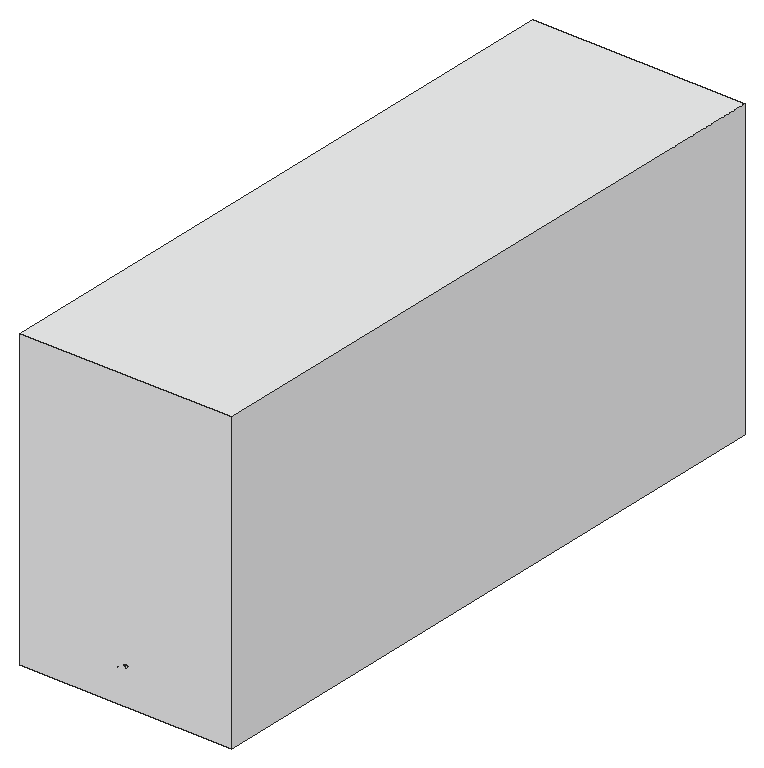
Revit family "979120001_Llave Cocina Cruceta", category Plumbing Fixtures, Revit 2019
Family settings
  Round Connector Dimension = Use Diameter
  Part Type = Normal
  Work Plane-Based = No
  Always vertical = Yes
  Cut with Voids When Loaded = No
  Shared = No
  Room Calculation Point = No
Parameters
  Profundidad = 147.5 mm
  Presion minima = "20 psi."  # constant formula
  Presion maxima = "125 psi."  # constant formula
  Peso neto = "265gr. / 0.5842 Lb."  # constant formula
  Peso Bruto aprox = "270gr. / 0.5952 Lb."  # constant formula
  Material = Corona_Laton
  Manufacturer = "Corona"  # constant formula
  Fecha de creación = "14/08/2020"  # constant formula
  Description = "• Acabado satinado y Robusto.\r\n• Ideal para trabajo pesado.\r\n• Calidad GRIVAL, que nos permite ofrecer una garantía de 5 años.\r\n• Accionamiento palanca.\r\n• Incluye escudo."  # constant formula
  Creado por = "IDD"  # constant formula
  Capacidad de flujo = "15 L/min a 20 PSI."  # constant formula
  Ancho = 50 mm
Reference planes
  plane 1 "Center (Front/Back)": y = 0
  plane 2: z = 0
  plane 3 "Center (Left/Right)": x = 0
  plane 4: y = -147.5
  plane 5: y = -110
  plane 6: x = -25
  plane 7: x = 25
Forms (mm)
  Revolve 1, solid, material "Corona_Laton" <- "Material"
    sketch origin (0, 0, 0) x (0, 1, 0) y (0, 0, 1)
      loop
        line (0, 38.208) -> (0, 46.937)
        arc (0, 46.937) -> (-0.454, 48.377) -> (-1.652, 49.296) r 2.51
        line (-1.652, 49.296) -> (-13.831, 49.296) -> (-13.831, 63.125) -> (-20.252, 63.125)
        arc (-20.252, 63.125) -> (-21.016, 62.728) -> (-21.128, 61.874) r 0.933
        line (-21.128, 61.874) -> (-21.128, 50.501) -> (-22.9, 50.501) -> (-24.12, 48.208) -> (-91.886, 48.208) -> (-91.886, 38.208) -> (0, 38.208)
      axis (0, 38.208) -> (-91.886, 38.208)
    angle from 0 to 360
  Revolve 2, solid, material "Corona_Laton" <- "Material"
    sketch origin (0, 0, 0) x (0, 1, 0) y (0, 0, 1)
      loop
        line (-101.462, 75.153) -> (-101.462, 79.366)
        arc (-101.462, 79.366) -> (-105.103, 82.866) -> (-110, 84.098) r 9.838
        arc (-110, 84.098) -> (-114.897, 82.866) -> (-118.538, 79.366) r 9.838
        line (-118.538, 79.366) -> (-118.538, 75.153) -> (-101.462, 75.153)
      axis (-101.462, 75.153) -> (-118.538, 75.153)
    angle from 0 to 360
  Extrusion 3, void
    sketch origin (0, 0, 0) x (0, 1, 0) y (0, 0, 1)
      loop
        line (-116.263, 65.803) -> (-103.689, 65.803) -> (-103.689, 68.037) -> (-116.263, 68.037) -> (-116.263, 65.803)
    from -7.97 to 9.906
  Revolve 4, solid, material "Corona_Laton" <- "Material"
    sketch origin (0, 0, 0) x (0, 1, 0) y (0, 0, 1)
      loop
        line (-117.406, 74.933) -> (-117.406, 79.401) -> (-128.8, 79.401)
        arc (-128.8, 79.401) -> (-136.3, 81.467) -> (-140.522, 74.933) r 6.576
        line (-140.522, 74.933) -> (-117.406, 74.933)
      axis (-117.406, 74.933) -> (-140.522, 74.933)
    angle from 0 to 360
  Revolve 5, solid, material "Corona_Laton" <- "Material"
    sketch origin (0, -220, 0) x (0, -1, 0) y (0, 0, 1)
      loop
        line (-117.406, 74.933) -> (-117.406, 79.401) -> (-128.8, 79.401)
        arc (-128.8, 79.401) -> (-136.3, 81.467) -> (-140.522, 74.933) r 6.576
        line (-140.522, 74.933) -> (-117.406, 74.933)
      axis (-117.406, 74.933) -> (-140.522, 74.933)
    angle from 0 to 360
  Revolve 6, solid, material "Corona_Laton" <- "Material"
    sketch origin (0, 0, 0) x (0, 1, 0) y (0, 0, 1)
      loop
        line (-105, 68.037) -> (-110, 68.037) -> (-110, 39.813) -> (-98.147, 39.813) -> (-98.147, 61.055) -> (-100.94, 61.055) -> (-100.94, 64.387)
        arc (-100.94, 64.387) -> (-102.396, 65.163) -> (-104.009, 65.504) r 5.869
        line (-104.009, 65.504) -> (-104.009, 66.777) -> (-105, 66.777) -> (-105, 68.037)
      axis (-110, 68.037) -> (-110, 39.813)
    angle from 0 to 360
  Revolve 7, solid, material "Corona_Laton" <- "Material"
    sketch origin (0, 0, 0) x (0, 1, 0) y (0, 0, 1)
      loop
        line (-145.431, 22.286) -> (-159.17, 26.225) -> (-161.052, 19.661)
        arc (-161.052, 19.661) -> (-160.777, 18.014) -> (-159.452, 16.998) r 2.278
        line (-159.452, 16.998) -> (-147.897, 13.685) -> (-145.431, 22.286)
      axis (-145.431, 22.286) -> (-147.897, 13.685)
    angle from 0 to 360
  Revolve 8, solid, material "Corona_Laton" <- "Material"
    sketch origin (0, 0, 0) x (0, 1, 0) y (0, 0, 1)
      loop
        line (-91.886, 28.208) -> (-91.886, 38.208) -> (-127.907, 38.208) -> (-127.907, 28.208)
        arc (-127.907, 28.208) -> (-109.897, 25.933) -> (-91.886, 28.208) r 72.431
      axis (-91.886, 38.208) -> (-127.907, 38.208)
    angle from 0 to 360
  Sweep 9, solid, material "Corona_Laton" <- "Material", detail levels medium+fine
    path origin (0, 1.075, -962.085) x (0, -1, 0) y (0, 0, -1)
      loop
        arc (127.473, -1000.072) -> (141.831, -992.725) -> (144.274, -976.782) r 17.705
    profile origin (0, -140.757, 30.641) x (0, 0.811005, -0.58504) y (1, 0, 0)
      loop
        circle (0, 0) r 10.3
  Extrusion 10, void
    sketch origin (0, 0, 0) x (0, 1, 0) y (0, 0, 1)
      loop
        line (-157.716, 16.644) -> (-158.872, 12.613) -> (-140.094, 7.228) -> (-138.938, 11.26) -> (-157.716, 16.644)
    from -20.073 to 19.995
  Extrusion 11, solid, material "Corona_Laton" <- "Material"
    sketch origin (0, 0, 0) x (0, 1, 0) y (0, 0, 1)
      loop
        line (-161.052, 10.059) -> (0, 10.059) -> (0, 84.661) -> (-161.052, 84.661) -> (-161.052, 10.059)
    from -26.521 to 26.764
Cuts and joins
  Extrusion 3 cuts Revolve 2
  Extrusion 10 cuts Sweep 9
Dimensions and locks
  "Profundidad": plane 1 "Center (Front/Back)" to plane 4
  plane 1 "Center (Front/Back)" to plane 5 = 110 mm
  "Ancho": plane 6 to plane 7
  aligned and locked: level to plane 2
Automatic sketch dimensions
  Revolve 1 sketch curve to plane 1 "Center (Front/Back)" = 0 mm  (x2)
  plane 1 "Center (Front/Back)" to Revolve 1 sketch curve = 1.652 mm
  plane 1 "Center (Front/Back)" to Revolve 1 sketch curve = 2.51 mm
  Revolve 1 sketch curve to Revolve 1 sketch curve = 11.32 mm
  Revolve 1 sketch curve to Revolve 1 sketch curve = 6.421 mm
  Revolve 1 sketch curve to Revolve 1 sketch curve = 0.876 mm
  Revolve 1 sketch curve to Revolve 1 sketch curve = 1.772 mm
  Revolve 1 sketch curve to Revolve 1 sketch curve = 1.219 mm
  Revolve 1 sketch curve to plane 5 = 18.114 mm
  level to Revolve 1 sketch curve = 38.208 mm
  Revolve 1 sketch curve to Revolve 1 sketch curve = 8.73 mm
  Revolve 1 sketch curve to Revolve 1 sketch curve = 1.089 mm
  Revolve 1 sketch curve to Revolve 1 sketch curve = 2.293 mm
  Revolve 1 sketch curve to Revolve 1 sketch curve = 11.373 mm
  Revolve 1 sketch curve to Revolve 1 sketch curve = 0.319 mm
  Revolve 1 sketch curve to Revolve 1 sketch curve = 0 mm  (x2)
  Revolve 2 sketch curve to plane 5 = 0 mm
  plane 5 to Revolve 2 sketch curve = 0.128 mm
  Revolve 2 sketch curve to Revolve 2 sketch curve = 8.41 mm
  Revolve 2 sketch curve to plane 5 = 0.128 mm
  Revolve 2 sketch curve to plane 5 = 8.538 mm
  level to Revolve 2 sketch curve = 74.261 mm
  Revolve 2 sketch curve to Revolve 2 sketch curve = 0 mm  (x2)
  Revolve 2 sketch curve to Revolve 2 sketch curve = 0.892 mm
  Revolve 2 sketch curve to Revolve 2 sketch curve = 4.212 mm
  Revolve 2 sketch curve to plane 4 = 6.442 mm
  Revolve 2 sketch curve to Revolve 2 sketch curve = 22.52 mm
  plane 5 to Extrusion 3 sketch curve = 6.263 mm
  Extrusion 3 sketch curve to plane 5 = 6.311 mm
  level to Extrusion 3 sketch curve = 65.803 mm
  Extrusion 3 sketch curve to Extrusion 3 sketch curve = 2.233 mm
  Revolve 4 sketch curve to plane 4 = 6.978 mm
  Revolve 4 sketch curve to Revolve 4 sketch curve = 6.565 mm
  Revolve 4 sketch curve to Revolve 4 sketch curve = 5.158 mm
  plane 5 to Revolve 4 sketch curve = 7.406 mm
  level to Revolve 4 sketch curve = 74.933 mm
  Revolve 4 sketch curve to Revolve 4 sketch curve = 0.389 mm
  Revolve 4 sketch curve to Revolve 4 sketch curve = 1.565 mm
  Revolve 4 sketch curve to Revolve 4 sketch curve = 1.132 mm
  Revolve 4 sketch curve to Revolve 4 sketch curve = 0 mm
  plane 5 to Revolve 5 sketch curve = 30.522 mm
  Revolve 5 sketch curve to Revolve 5 sketch curve = 6.565 mm
  Revolve 5 sketch curve to Revolve 5 sketch curve = 5.158 mm
  plane 5 to Revolve 5 sketch curve = 7.406 mm
  Revolve 5 sketch curve to level = 74.933 mm
  Revolve 5 sketch curve to Revolve 5 sketch curve = 0.389 mm
  Revolve 5 sketch curve to Revolve 5 sketch curve = 1.565 mm
  Revolve 5 sketch curve to Revolve 5 sketch curve = 1.132 mm
  Revolve 5 sketch curve to Revolve 5 sketch curve = 0 mm
  Revolve 6 sketch curve to plane 5 = 0 mm  (x2)
  Revolve 6 sketch curve to plane 5 = 5 mm
  Revolve 6 sketch curve to plane 5 = 5.597 mm
  Revolve 6 sketch curve to Revolve 6 sketch curve = 0.991 mm
  Revolve 6 sketch curve to Revolve 6 sketch curve = 3.462 mm
  Revolve 6 sketch curve to Revolve 6 sketch curve = 2.793 mm
  level to Revolve 6 sketch curve = 39.813 mm
  Revolve 6 sketch curve to Revolve 6 sketch curve = 19.835 mm
  Revolve 6 sketch curve to Revolve 6 sketch curve = 1.407 mm
  Revolve 6 sketch curve to Revolve 6 sketch curve = 3.331 mm
  Revolve 6 sketch curve to Revolve 6 sketch curve = 1.273 mm
  Revolve 6 sketch curve to Revolve 6 sketch curve = 1.26 mm
  Revolve 6 sketch curve to Revolve 6 sketch curve = 0.937 mm
  Revolve 6 sketch curve to Revolve 6 sketch curve = 0 mm
  plane 4 to Revolve 7 sketch curve = 13.552 mm
  Revolve 7 sketch curve to Revolve 7 sketch curve = 1.6 mm
  Revolve 7 sketch curve to Revolve 7 sketch curve = 1.882 mm
  Revolve 7 sketch curve to Revolve 7 sketch curve = 0.628 mm
  plane 4 to Revolve 7 sketch curve = 0.397 mm
  Revolve 7 sketch curve to plane 4 = 2.069 mm
  level to Revolve 7 sketch curve = 13.685 mm
  Revolve 7 sketch curve to Revolve 7 sketch curve = 3.313 mm
  Revolve 7 sketch curve to Revolve 7 sketch curve = 0.041 mm
  Revolve 7 sketch curve to Revolve 7 sketch curve = 0 mm  (x2)
  Revolve 7 sketch curve to Revolve 7 sketch curve = 0.144 mm
  plane 5 to Revolve 8 sketch curve = 17.907 mm
  Revolve 8 sketch curve to plane 5 = 0.103 mm
  Revolve 8 sketch curve to plane 5 = 18.114 mm
  level to Revolve 8 sketch curve = 28.208 mm
  Revolve 8 sketch curve to Revolve 8 sketch curve = 10 mm
  Revolve 8 sketch curve to Revolve 8 sketch curve = 60.157 mm
  Revolve 8 sketch curve to Revolve 8 sketch curve = 0.523 mm
  Revolve 8 sketch curve to Revolve 8 sketch curve = 0 mm  (x2)
  Sweep 9 sketch curve to profile plane = 0 mm  (x2)
  plane 5 to Sweep 9 sketch curve = 16.398 mm
  level to Sweep 9 sketch curve = 20.283 mm
  Sweep 9 sketch curve to plane 4 = 4.301 mm
  Sweep 9 sketch curve to Sweep 9 sketch curve = 17.705 mm
  plane 4 to Extrusion 10 sketch curve = 11.372 mm
  Extrusion 10 sketch curve to Extrusion 10 sketch curve = 1.156 mm
  Extrusion 10 sketch curve to plane 4 = 7.406 mm
  level to Extrusion 10 sketch curve = 7.228 mm
  Extrusion 10 sketch curve to Extrusion 10 sketch curve = 4.032 mm
  Extrusion 11 sketch curve to plane 1 "Center (Front/Back)" = 0 mm
  plane 4 to Extrusion 11 sketch curve = 13.552 mm
  Extrusion 11 sketch curve to Extrusion 11 sketch curve = 74.602 mm
  level to Extrusion 11 sketch curve = 10.059 mm
  radius of Sweep 9 sketch curve = 10.3 mm
